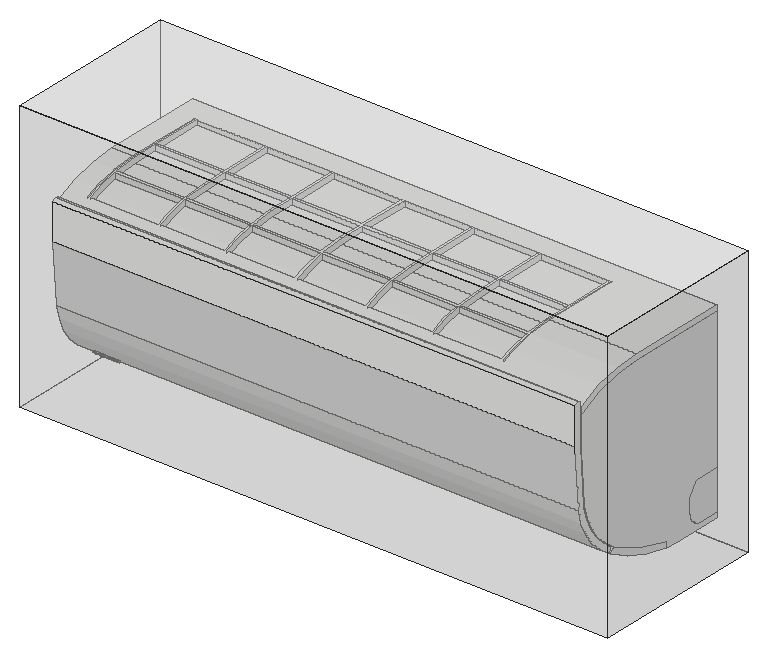
Revit family "outputfile", category 機械設備, Revit 2024
Family settings
  丸型コネクタ寸法 = 半径を使用
  パーツ タイプ = 標準
  OmniClass 番号 = 23.75.10.24.21.27.27
  OmniClass タイトル = Split System Air Conditioning Units
  作業面ベース = いいえ
  常に垂直 = はい
  ロード時にボイドで切り取り = いいえ
  注釈の向きを維持 = いいえ
  共有 = いいえ
  部屋計算ポイント = いいえ
Parameters (values of type "FXAQ32AVM4")
  Description = ""
  製造元 = "Daikin"
  書き出し IFC クラス(タイプ) = "IfcUnitaryEquipmentType"
  定義済み IFC タイプ(タイプ) = "AIRCONDITIONINGUNIT"
  Cost = 0
  モデル = "FXAQ32AVM4"
  Type Comments = ""
  Keynote = ""
  Type Image = (empty or 0)
  Assembly Code = ""
  w3_Indoor air flow = if(Width = 1050.0 mm, 109.0 mm, 1.0 mm)  # 1.0 mm
  w2_Indoor air flow = if(Width = 1050.0 mm, 103.0 mm, 98.0 mm)  # 98.0 mm
  w1_Indoor air flow = if(Width = 1050.0 mm, 108.0 mm, 103.0 mm)  # 103.0 mm
  r_Liquid Pipe Size = Liquid Pipe Size / 2  # 3.2 mm
  r_Gas Pipe Size = Gas Pipe Size / 2  # 6.35 mm
  r_Drain Pipe Size = Drain Pipe Size / 2  # 7.5 mm
  lw_powersupply [instance] = if(Width = 795.0 mm, if(or(Rear Right Connection_refrigerant, Bottom Right Connection_refrigerant), 83.0 mm, if(or(Rear Left Connection_refrigerant, Bottom Left Connection_refrigerant), 740.0 mm, 400.0 mm)), if(Width = 1050.0 mm, if(or(Rear Right Connection_refrigerant, Bottom Right Connection_refrigerant), 83.0 mm, if(or(Rear Left Connection_refrigerant, Bottom Left Connection_refrigerant), 712.0 mm + (1050.0 mm - 795.0 mm), 400.0 mm)), if(or(Rear Right Connection_refrigerant, Bottom Right Connection_refrigerant), 83.0 mm, if(or(Rear Left Connection_refrigerant, Bottom Left Connection_refrigerant), 712.0 mm, 400.0 mm))))  # 400.0 mm
  lw_liquidpipe [instance] = if(Width = 795.0 mm, if(or(Rear Right Connection_refrigerant, Bottom Right Connection_refrigerant), 0.0 mm, if(or(Rear Left Connection_refrigerant, Bottom Left Connection_refrigerant), 627.0 mm, 460.0 mm)), if(Width = 1050.0 mm, if(or(Rear Right Connection_refrigerant, Bottom Right Connection_refrigerant), 0.0 mm, if(or(Rear Left Connection_refrigerant, Bottom Left Connection_refrigerant), 627.0 mm + (1050.0 mm - 795.0 mm), 460.0 mm)), if(or(Rear Right Connection_refrigerant, Bottom Right Connection_refrigerant), 0.0 mm, if(or(Rear Left Connection_refrigerant, Bottom Left Connection_refrigerant), 627.0 mm, 460.0 mm))))  # 460.0 mm
  lw_gaspipe [instance] = if(Width = 795.0 mm, if(or(Rear Right Connection_refrigerant, Bottom Right Connection_refrigerant), 0.0 mm, if(or(Rear Left Connection_refrigerant, Bottom Left Connection_refrigerant), 620.0 mm, 415.0 mm)), if(Width = 1050.0 mm, if(or(Rear Right Connection_refrigerant, Bottom Right Connection_refrigerant), 0.0 mm, if(or(Rear Left Connection_refrigerant, Bottom Left Connection_refrigerant), 620.0 mm + (1050.0 mm - 795.0 mm), 415.0 mm)), if(or(Rear Right Connection_refrigerant, Bottom Right Connection_refrigerant), 0.0 mm, if(or(Rear Left Connection_refrigerant, Bottom Left Connection_refrigerant), 620.0 mm, 415.0 mm))))  # 415.0 mm
  lw_drainpipe [instance] = if(Width = 795.0 mm, if(or(Rear Right Connection_refrigerant, Bottom Right Connection_refrigerant), 0.0 mm, if(or(Rear Left Connection_refrigerant, Bottom Left Connection_refrigerant), 655.0 mm, 475.0 mm)), if(Width = 1050.0 mm, if(or(Rear Right Connection_refrigerant, Bottom Right Connection_refrigerant), 0.0 mm, if(or(Rear Left Connection_refrigerant, Bottom Left Connection_refrigerant), 655.0 mm + (1050.0 mm - 795.0 mm), 475.0 mm)), if(or(Rear Right Connection_refrigerant, Bottom Right Connection_refrigerant), 0.0 mm, if(or(Rear Left Connection_refrigerant, Bottom Left Connection_refrigerant), 655.0 mm, 475.0 mm))))  # 475.0 mm
  l_powersupply_length [instance] = if(Width = 795.0 mm, if(Right Connection_refrigerant, 400.0 mm, if(Left Connection_refrigerant, 395.0 mm, if(or(Rear Left Connection_refrigerant, Rear Right Connection_refrigerant), 15.0 mm, 50.0 mm))), if(Width = 1050.0 mm, if(Right Connection_refrigerant, 400.0 mm, if(Left Connection_refrigerant, 395.0 mm + (1050.0 mm - 795.0 mm), if(or(Rear Left Connection_refrigerant, Rear Right Connection_refrigerant), 15.0 mm, 50.0 mm))), if(Right Connection_refrigerant, 400.0 mm, if(Left Connection_refrigerant, 395.0 mm, if(or(Rear Left Connection_refrigerant, Rear Right Connection_refrigerant), 15.0 mm, 50.0 mm)))))  # 400.0 mm
  l_liquidpipe_length [instance] = if(Width = 795.0 mm, if(Right Connection_refrigerant, 558.0 mm, if(Left Connection_refrigerant, 237.0 mm, if(or(Rear Left Connection_refrigerant, Rear Right Connection_refrigerant), 30.0 mm, 40.0 mm))), if(Width = 1050.0 mm, if(Right Connection_refrigerant, 558.0 mm, if(Left Connection_refrigerant, 237.0 mm + (1050.0 mm - 795.0 mm), if(or(Rear Left Connection_refrigerant, Rear Right Connection_refrigerant), 30.0 mm, 40.0 mm))), if(Right Connection_refrigerant, 558.0 mm, if(Left Connection_refrigerant, 237.0 mm, if(or(Rear Left Connection_refrigerant, Rear Right Connection_refrigerant), 30.0 mm, 40.0 mm)))))  # 558.0 mm
  l_gaspipe_length [instance] = if(Width = 795.0 mm, if(Right Connection_refrigerant, 513.0 mm, if(Left Connection_refrigerant, 282.0 mm, if(or(Rear Left Connection_refrigerant, Rear Right Connection_refrigerant), 40.0 mm, 50.0 mm))), if(Width = 1050.0 mm, if(Right Connection_refrigerant, 513.0 mm, if(Left Connection_refrigerant, 282.0 mm + (1050.0 mm - 795.0 mm), if(or(Rear Left Connection_refrigerant, Rear Right Connection_refrigerant), 40.0 mm, 50.0 mm))), if(Right Connection_refrigerant, 513.0 mm, if(Left Connection_refrigerant, 282.0 mm, if(or(Rear Left Connection_refrigerant, Rear Right Connection_refrigerant), 40.0 mm, 50.0 mm)))))  # 513.0 mm
  l_drainpipe_length [instance] = if(Width = 795.0 mm, if(Right Connection_refrigerant, 573.0 mm, if(Left Connection_refrigerant, 222.0 mm, if(or(Rear Left Connection_refrigerant, Rear Right Connection_refrigerant), 15.0 mm, 20.0 mm))), if(Width = 1050.0 mm, if(Right Connection_refrigerant, 573.0 mm, if(Left Connection_refrigerant, 222.0 mm + (1050.0 mm - 795.0 mm), if(or(Rear Left Connection_refrigerant, Rear Right Connection_refrigerant), 15.0 mm, 20.0 mm))), if(Right Connection_refrigerant, 573.0 mm, if(Left Connection_refrigerant, 477.0 mm, if(or(Rear Left Connection_refrigerant, Rear Right Connection_refrigerant), 15.0 mm, 20.0 mm)))))  # 573.0 mm
  h*** = 0.0 mm  # constant formula
  d1_Indoor air flow = if(Width = 1050.0 mm, 38.0 mm, 35.0 mm)  # 35.0 mm
  angle_vertical [instance] = if(or(Bottom Left Connection_refrigerant, Bottom Right Connection_refrigerant), 0.00°, 90.00°)  # 90.00°
  angle_horizontal [instance] = if(Right Connection_refrigerant, 90.00°, if(Left Connection_refrigerant, -90.00°, if(or(Rear Left Connection_refrigerant, Rear Right Connection_refrigerant), 180.00°, 0.00°)))  # 90.00°
  Width = 795.0 mm
  Voltage_comment_50Hz = "220-240"
  Voltage_50Hz = 230 V
  Version = "ver.1.0"
  Unit Type = "Wall Mounted Type"
  Unit Mass Weight = 12.00 kg
  Unit Designation [instance] = ""
  Uniclass2015Version = "Products v1.30"
  Uniclass2015Title = "Variable refrigerant flow units"
  Uniclass2015Code = "Pr_70_65_03_94"
  URL = ""
  Total Heating Capacity [instance] = 0.000 kW
  Total Cooling Capacity [instance] = 0.000 kW
  Sound Pressure Level_M speed (dBA) = 0
  Sound Pressure Level_L speed (dBA) = 28.5
  Sound Pressure Level_H speed (dBA) = 37.5
  Sound Power Level_H speed (dB) = 0
  Series = "VRV Fan Coil Unit"
  Sensible Cooling Capacity [instance] = 0.000 kW
  Refrigerant Type = "R410A"
  Power Input (Heating) = 0.050 kW
  Power Input (Cooling) = 0.040 kW
  Phase_50Hz = 1
  Option Accessory 3 [instance] = ""
  Option Accessory 2 [instance] = ""
  Option Accessory 1 [instance] = ""
  Nominal Heating Capacity = 4.000 kW
  Nominal Cooling Capacity = 3.600 kW
  Minimum Circuit Amps_50Hz = 0.6 A
  Minimum Airflow = 420.00 m³/h
  Median Airflow = 0.00 m³/h
  Maximum Fuse Amps_50Hz = 15.0 A
  Maximum Airflow = 588.00 m³/h
  Material_Casing = DAIKIN_White_Casing_indoorunit
  Load Classification = HVAC
  Liquid Pipe Size = 6.4 mm
  Link_Nested Family [instance] = ""
  IfcVersion = "0"
  IfcExportType = "AIRCONDITIONINGUNIT"
  IfcExportAs = "IfcUnitaryEquipmentType"
  Height = 290.0 mm
  Heating Entering Wet Bulb Temperature [instance] = 0.00 °C
  Heating Entering Dry Bulb Temperature [instance] = 0.00 °C
  Heating Ambient Wet Bulb Temperature [instance] = 0.00 °C
  Heating Ambient Dry Bulb Temperature [instance] = 0.00 °C
  Heat Exchanger Type = "Cross Fin Coil"
  Gas Pipe Size = 12.7 mm
  Frequency_50Hz = 50 Hz
  Fan Type = "Cross Flow Fan"
  Fan Drive = "Direct Drive"
  FCU Tag No. [instance] = ""
  Drain Pipe Size = 15.0 mm
  Design Supply Airflow [instance] = 0.00 m³/h
  Depth = 266.0 mm
  既定の高さ = 0.0 mm
  Cooling Entering Wet Bulb Temperature [instance] = 0.00 °C
  Cooling Entering Dry Bulb Temperature [instance] = 0.00 °C
  Cooling Ambient Wet Bulb Temperature [instance] = 0.00 °C
  Cooling Ambient Dry Bulb Temperature [instance] = 0.00 °C
  Clearance visibility [instance] = yes
  Clearance Top = 90.0 mm
  Clearance Right = 50.0 mm
  Clearance Rear = 0.0 mm
  Clearance Left = 50.0 mm
  Clearance Front = 0.0 mm
  Clearance Bottom = 30.0 mm
  Bottom Right Connection_refrigerant [instance] = no
  Bottom Left Connection_refrigerant [instance] = no
  Rear Right Connection_refrigerant [instance] = no
  Rear Left Connection_refrigerant [instance] = no
  Right Connection_refrigerant [instance] = yes
  Left Connection_refrigerant [instance] = no
Reference planes
  plane 1 "Back": y = 0
  plane 2: z = 0
  plane 3 "Center (Left/Right)": x = 0
  plane 4 "Center (Front/Back)": y = -133
  plane 5 "Front": y = -266
  plane 6 "Left": x = -397.5
  plane 7 "Right": x = 397.5
  plane 8 "Top": z = 0
  plane 9 "Bottom": z = -290
  plane 10 "Front panel_Left": x = -395.5
  plane 11 "Front panel_Right": x = 395.5
  plane 12: x = 261.5
  plane 13: x = 256.5
  plane 14: x = -445.5
  plane 15: x = 445.5
  plane 16: y = 0
  plane 17: y = -266
  plane 18: z = 90
  plane 19: z = -320
  plane 20: y = -35
  plane 21: y = -111.5
  plane 22: y = -187.5
  plane 23: y = -237
  plane 24: y = -115
  plane 25: y = -191
  plane 26: x = -50
  plane 27: x = -52
  plane 28: x = -48
  plane 29: x = 55
  plane 30: x = -155
  plane 31: x = -158
  plane 32: x = 58
  plane 33: x = -256
  plane 34: x = 156
  plane 35: x = -259
  plane 36: x = 159
  plane 37: x = -362
  plane 38: x = 262
  plane 39: x = -365
  plane 40: x = 265
  plane 41: x = 266
  plane 42: x = -366
  plane 43 "lw_Piping and Wiring intake": x = 299.5
  plane 44 "lw_gaspipe": x = -115.5
  plane 45 "lw_liquidpipe": x = -160.5
  plane 46 "lw_drainpipe": x = -175.5
  plane 47 "lh_drainpipe": z = -270
  plane 48 "lh_liquidpipe": z = -250
  plane 49 "lh_gaspipe": z = -240
  plane 50 "ld_drainpipe": y = -15
  plane 51 "ld_liquidpipe": y = -30
  plane 52 "ld_gaspipe": y = -40
  plane 53 "lw_powersupply": x = -2.5
Forms (mm)
  Extrusion 1, solid, material "DAIKIN_White_Casing_indoorunit" <- "Material_Casing"
    sketch origin (0, 0, 0) x (0, 1, 0) y (0, 0, 1)
      loop
        line (0, 0) -> (-151.682, 0)
        arc (-151.682, 0) -> (-205.302, -6.828) -> (-255.5, -26.876) r 213.958
        line (-255.5, -26.876) -> (-255.5, -36.08)
        arc (-255.5, -36.08) -> (-205.456, -15.144) -> (-151.682, -8) r 205.958
        line (-151.682, -8) -> (0, -8) -> (0, 0)
    from -397.5 to 397.5
  Extrusion 2, solid, material "DAIKIN_White_Casing_indoorunit" <- "Material_Casing"
    sketch origin (0, 0, 0) x (0, 1, 0) y (0, 0, 1)
      loop
        arc (-151.682, -8) -> (-205.456, -15.144) -> (-255.5, -36.08) r 205.958
        line (-255.5, -36.08) -> (-255.5, -86.08)
        arc (-255.5, -86.08) -> (-253.87, -125.667) -> (-248.99, -164.986) r 481.435
        arc (-248.99, -164.986) -> (-230.945, -209.78) -> (-195.65, -242.741) r 111.486
        arc (-195.65, -242.741) -> (-147.09, -265.96) -> (-95.247, -280.433) r 310.126
        line (-95.247, -280.433) -> (-95.247, -288.232)
        arc (-95.247, -288.232) -> (-84.534, -289.557) -> (-73.748, -290) r 131.592
        line (-73.748, -290) -> (0, -290) -> (0, -8) -> (-151.682, -8)
    from -397.5 to 397.5
  Extrusion 3, solid, material "DAIKIN_White_Casing_indoorunit" <- "Material_Casing"
    sketch origin (397.5, 1296.25, 1200) x (0, 1, 0) y (0, 0, 1)
      loop
        line (-1491.901, -1442.741) -> (-1496.494, -1450.482)
        arc (-1496.494, -1450.482) -> (-1447.058, -1474.911) -> (-1393.497, -1488.023) r 252.452
        line (-1393.497, -1488.023) -> (-1393.497, -1480.051)
        arc (-1393.497, -1480.051) -> (-1444.293, -1465.6) -> (-1491.901, -1442.741) r 310.126
    from 0 to -40.5
  Extrusion 4, solid, material "DAIKIN_White_Casing_indoorunit" <- "Material_Casing"
    sketch origin (0, 0, 0) x (0, 1, 0) y (0, 0, 1)
      loop
        line (-257, -76.896) -> (-257, -19.457) -> (-258.688, -19.457)
        arc (-258.688, -19.457) -> (-262.551, -20.17) -> (-266, -22.048) r 12.48
        line (-266, -22.048) -> (-266, -76.896) -> (-257, -76.896)
    from -395.5 to 395.5
  Extrusion 5, solid, material "DAIKIN_White_Casing_indoorunit" <- "Material_Casing"
    sketch origin (0, 0, 0) x (0, 1, 0) y (0, 0, 1)
      loop
        arc (-266, -76.896) -> (-264.342, -121.828) -> (-259.378, -166.517) r 609.735
        line (-259.378, -166.517) -> (-250.471, -165.192)
        arc (-250.471, -165.192) -> (-255.366, -121.165) -> (-257, -76.896) r 600.314
        line (-257, -76.896) -> (-266, -76.896)
    from -395.5 to 395.5
  Extrusion 6, solid, material "DAIKIN_White_Casing_indoorunit" <- "Material_Casing"
    sketch origin (0, 0, 0) x (0, 1, 0) y (0, 0, 1)
      loop
        arc (-259.378, -166.517) -> (-240.331, -214.672) -> (-201.947, -249.433) r 114
        line (-201.947, -249.433) -> (-197.324, -241.643)
        arc (-197.324, -241.643) -> (-232.845, -209.638) -> (-250.471, -165.192) r 104.894
        line (-250.471, -165.192) -> (-259.378, -166.517)
    from -395.5 to 395.5
  Extrusion 7, solid, material "DAIKIN_White_Casing_indoorunit" <- "Material_Casing"
    sketch origin (-397.5, 1296.25, 1200) x (0, 1, 0) y (0, 0, 1)
      loop
        arc (-1496.494, -1450.482) -> (-1447.058, -1474.911) -> (-1393.497, -1488.023) r 252.452
        line (-1393.497, -1488.023) -> (-1393.497, -1480.051)
        arc (-1393.497, -1480.051) -> (-1444.293, -1465.6) -> (-1491.901, -1442.741) r 310.126
        line (-1491.901, -1442.741) -> (-1496.494, -1450.482)
    from 0 to 40.5
  Extrusion 8, solid, material "DAIKIN_White_Casing_indoorunit" <- "Material_Casing"
    sketch origin (0, 0, 0) x (0, 1, 0) y (0, 0, 1)
      loop
        arc (-133.049, -280.649) -> (-115.282, -284.985) -> (-97.247, -288.023) r 252.452
        line (-97.247, -288.023) -> (-97.247, -280.051)
        arc (-97.247, -280.051) -> (-113.907, -276.335) -> (-130.338, -271.708) r 310.126
        line (-130.338, -271.708) -> (-133.049, -280.649)
    from -357 to 357
  Extrusion 9, solid, material "DAIKIN_White_Casing_indoorunit" <- "Material_Casing"
    sketch origin (261.5, -1524, 1789.769) x (0, 0, 1) y (0, -1, 0)
      loop
        line (-2032.51, -1328.35) -> (-2040.251, -1323.756)
        arc (-2040.251, -1323.756) -> (-2050.358, -1341.058) -> (-2059.061, -1359.107) r 252.452
        line (-2059.061, -1359.107) -> (-2050.603, -1364.126)
        arc (-2050.603, -1364.126) -> (-2042.135, -1345.945) -> (-2032.51, -1328.35) r 310.126
    from 0 to 95.5
  Extrusion 10, solid, material "DAIKIN_White_Casing_indoorunit" <- "Material_Casing"
    sketch origin (261.5, -1524, 1789.769) x (0, 0, 1) y (0, -1, 0)
      loop
        arc (-2059.061, -1359.107) -> (-2065.273, -1374.839) -> (-2070.418, -1390.951) r 252.452
        line (-2070.418, -1390.951) -> (-2061.477, -1393.662)
        arc (-2061.477, -1393.662) -> (-2056.415, -1378.756) -> (-2050.603, -1364.126) r 310.126
        line (-2050.603, -1364.126) -> (-2059.061, -1359.107)
    from 0 to 95.5
  Extrusion 11, solid, material "DAIKIN_White_Casing_indoorunit" <- "Material_Casing"
    sketch origin (256.5, -1524, 1089.438) x (0, 0, 1) y (0, -1, 0)
      loop
        arc (-1350.272, -1364.126) -> (-1341.805, -1345.945) -> (-1332.179, -1328.35) r 310.126
        line (-1332.179, -1328.35) -> (-1339.92, -1323.756)
        arc (-1339.92, -1323.756) -> (-1350.027, -1341.058) -> (-1358.73, -1359.107) r 252.452
        line (-1358.73, -1359.107) -> (-1350.272, -1364.126)
    from 0 to -613.5
  Extrusion 12, solid, material "DAIKIN_White_Casing_indoorunit" <- "Material_Casing"
    sketch origin (256.5, -1524, 1089.438) x (0, 0, 1) y (0, -1, 0)
      loop
        arc (-1361.147, -1393.662) -> (-1356.085, -1378.756) -> (-1350.272, -1364.126) r 310.126
        line (-1350.272, -1364.126) -> (-1358.73, -1359.107)
        arc (-1358.73, -1359.107) -> (-1364.943, -1374.839) -> (-1370.087, -1390.951) r 252.452
        line (-1370.087, -1390.951) -> (-1361.147, -1393.662)
    from 0 to -613.5
  Extrusion 13, void
    sketch origin (0, 0, 0) x (-1, 0, 0) y (0, -1, 0)
      loop
        line (48, 35) -> (48, 111.5) -> (-55, 111.5) -> (-55, 35) -> (48, 35)
      loop
        line (-58, 35) -> (-58, 111.5) -> (-156, 111.5) -> (-156, 35) -> (-58, 35)
      loop
        line (-159, 35) -> (-159, 111.5) -> (-262, 111.5) -> (-262, 35) -> (-159, 35)
      loop
        line (-265, 35) -> (-265, 111.5) -> (-266, 111.5) -> (-266, 35) -> (-265, 35)
      loop
        line (155, 35) -> (155, 111.5) -> (52, 111.5) -> (52, 35) -> (155, 35)
      loop
        line (-265, 115) -> (-265, 187.5) -> (-266, 187.5) -> (-266, 115) -> (-265, 115)
      loop
        line (-265, 191) -> (-265, 237) -> (-266, 237) -> (-266, 191) -> (-265, 191)
      loop
        line (-159, 237) -> (-262, 237) -> (-262, 191) -> (-159, 191) -> (-159, 237)
      loop
        line (-58, 237) -> (-156, 237) -> (-156, 191) -> (-58, 191) -> (-58, 237)
      loop
        line (-55, 191) -> (48, 191) -> (48, 237) -> (-55, 237) -> (-55, 191)
      loop
        line (155, 237) -> (52, 237) -> (52, 191) -> (155, 191) -> (155, 237)
      loop
        line (256, 237) -> (158, 237) -> (158, 191) -> (256, 191) -> (256, 237)
      loop
        line (362, 237) -> (259, 237) -> (259, 191) -> (362, 191) -> (362, 237)
      loop
        line (158, 35) -> (256, 35) -> (256, 111.5) -> (158, 111.5) -> (158, 35)
      loop
        line (259, 35) -> (362, 35) -> (362, 111.5) -> (259, 111.5) -> (259, 35)
      loop
        line (362, 115) -> (362, 187.5) -> (259, 187.5) -> (259, 115) -> (362, 115)
      loop
        line (256, 115) -> (256, 187.5) -> (158, 187.5) -> (158, 115) -> (256, 115)
      loop
        line (155, 115) -> (155, 187.5) -> (52, 187.5) -> (52, 115) -> (155, 115)
      loop
        line (48, 115) -> (48, 187.5) -> (-55, 187.5) -> (-55, 115) -> (48, 115)
      loop
        line (-58, 115) -> (-58, 187.5) -> (-156, 187.5) -> (-156, 115) -> (-58, 115)
      loop
        line (-159, 115) -> (-159, 187.5) -> (-262, 187.5) -> (-262, 115) -> (-159, 115)
      loop
        line (365, 35) -> (366, 35) -> (366, 111.5) -> (365, 111.5) -> (365, 35)
      loop
        line (366, 115) -> (366, 187.5) -> (365, 187.5) -> (365, 115) -> (366, 115)
      loop
        line (366, 237) -> (365, 237) -> (365, 191) -> (366, 191) -> (366, 237)
    from 2 to -30
  Extrusion 14, solid, material "DAIKIN_White_Casing_indoorunit" <- "Material_Casing"
    sketch origin (0, 0, 0) x (1, 0, 0) y (0, 0, 1)
      loop
        circle (299.5, -246) r 40
      loop
        circle (-337.5, -246) r 40
    from 0 to 5
  Extrusion 15, solid, material "DAIKIN_White_Casing_indoorunit" <- "Material_Casing"
    sketch origin (397.5, 1296.25, 1200) x (0, -1, 0) y (0, 0, 1)
      loop
        line (1326.25, -1422) -> (1296.25, -1422) -> (1296.25, -1482) -> (1326.25, -1482)
        arc (1326.25, -1482) -> (1340.393, -1476.142) -> (1346.25, -1462) r 20
        line (1346.25, -1462) -> (1346.25, -1442)
        arc (1346.25, -1442) -> (1340.393, -1427.858) -> (1326.25, -1422) r 20
    from 0 to 5
  Extrusion 16, solid, material "DAIKIN_White_Casing_indoorunit" <- "Material_Casing"
    sketch origin (-397.5, 1296.25, 1200) x (0, 1, 0) y (0, 0, 1)
      loop
        line (-1296.25, -1422) -> (-1326.25, -1422)
        arc (-1326.25, -1422) -> (-1340.393, -1427.858) -> (-1346.25, -1442) r 20
        line (-1346.25, -1442) -> (-1346.25, -1462)
        arc (-1346.25, -1462) -> (-1340.393, -1476.142) -> (-1326.25, -1482) r 20
        line (-1326.25, -1482) -> (-1296.25, -1482) -> (-1296.25, -1422)
    from 0 to 5
  Extrusion 17, solid, material "DAIKIN_White_Casing_indoorunit" <- "Material_Casing"
    sketch origin (0, 0, -290) x (-1, 0, 0) y (0, -1, 0)
      loop
        line (-269.5, 0) -> (-269.5, 30)
        arc (-269.5, 30) -> (-275.358, 44.142) -> (-289.5, 50) r 20
        line (-289.5, 50) -> (-309.5, 50)
        arc (-309.5, 50) -> (-323.642, 44.142) -> (-329.5, 30) r 20
        line (-329.5, 30) -> (-329.5, 0) -> (-269.5, 0)
      loop
        line (367.5, 0) -> (367.5, 30)
        arc (367.5, 30) -> (361.642, 44.142) -> (347.5, 50) r 20
        line (347.5, 50) -> (327.5, 50)
        arc (327.5, 50) -> (313.358, 44.142) -> (307.5, 30) r 20
        line (307.5, 30) -> (307.5, 0) -> (367.5, 0)
    from 0 to 5
Cuts and joins
  joined: Extrusion 4, Extrusion 5, Extrusion 6
  joined: Extrusion 3, Extrusion 7, Extrusion 8
  Extrusion 13 cuts Extrusion 1
Lines and regions (mm)
  reference lines
    curve 1: line (-395.5, -227.394, -229.966) -> (-395.5, -220.117, -236.824)
Dimensions and locks
  equal spacing: plane 6 "Left", plane 3 "Center (Left/Right)", plane 7 "Right"
  "Width": plane 6 "Left" to plane 7 "Right"
  equal spacing: plane 5 "Front", plane 4 "Center (Front/Back)", plane 1 "Back"
  "Depth": plane 5 "Front" to plane 1 "Back"
  "Height": plane 8 "Top" to plane 9 "Bottom"
  locked: Extrusion 1 sketch curve to Extrusion 1 sketch curve at 8
  locked: Extrusion 2 sketch curve to plane 1 "Back" at 73.748
  locked: Extrusion 3 sketch curve to plane 1 "Back" at 97.247
  locked: Extrusion 4 sketch curve to Extrusion 4 sketch curve at 9
  locked: plane 8 "Top" to Extrusion 4 sketch curve at 19.457
  locked: plane 5 "Front" to Extrusion 6 sketch curve at 6.622
  locked: plane 5 "Front" to Extrusion 6 sketch curve at 15.529
  locked: plane 10 "Front panel_Left" to plane 6 "Left" at 2
  locked: plane 7 "Right" to plane 11 "Front panel_Right" at 2
  locked: cut or joined group of Extrusion 3, Extrusion 7, Extrusion 8 to Extrusion 9 sketch curve at 40
  locked: plane 7 "Right" to plane 12 at 136
  locked: plane 12 to plane 13 at 5
  "Clearance Left": plane 14 to plane 10 "Front panel_Left"
  "Clearance Right": plane 11 "Front panel_Right" to plane 15
  "Clearance Rear": plane 16 to plane 1 "Back"
  "Clearance Front": plane 17 to plane 5 "Front"
  "Clearance Top": plane 18 to plane 8 "Top"
  "Clearance Bottom": plane 9 "Bottom" to plane 19
  locked: nested 2 to plane 10 "Front panel_Left" at 50
  "d1_Indoor air flow": plane 20 to plane 1 "Back"
  locked: plane 20 to plane 21 at 76.5
  locked: plane 21 to plane 24 at 3.5
  locked: plane 24 to plane 22 at 72.5
  locked: plane 22 to plane 25 at 3.5
  locked: plane 25 to plane 23 at 46
  locked: plane 26 to plane 3 "Center (Left/Right)" at 50
  equal spacing: plane 27, plane 26, plane 28
  locked: plane 27 to plane 28 at 4
  "w1_Indoor air flow": plane 28 to plane 29
  "w1_Indoor air flow": plane 30 to plane 27
  locked: plane 31 to plane 30 at 3
  locked: plane 29 to plane 32 at 3
  "w2_Indoor air flow": plane 33 to plane 31
  "w2_Indoor air flow": plane 32 to plane 34
  locked: plane 35 to plane 33 at 3
  locked: plane 34 to plane 36 at 3
  locked: plane 37 to plane 35 at 103
  locked: plane 36 to plane 38 at 103
  locked: plane 39 to plane 37 at 3
  locked: plane 38 to plane 40 at 3
  "w3_Indoor air flow": plane 40 to plane 41
  "w3_Indoor air flow": plane 42 to plane 39
  locked: plane 9 "Bottom" to Extrusion 14 sketch curve at 44  (x2)
  locked: Extrusion 14 sketch curve to plane 6 "Left" at 60
  locked: plane 7 "Right" to Extrusion 14 sketch curve at 98
  locked: plane 43 "lw_Piping and Wiring intake" to plane 7 "Right" at 98
  "lw_gaspipe": plane 44 "lw_gaspipe" to plane 43 "lw_Piping and Wiring intake"
  "lw_liquidpipe": plane 45 "lw_liquidpipe" to plane 43 "lw_Piping and Wiring intake"
  "lw_drainpipe": plane 46 "lw_drainpipe" to plane 43 "lw_Piping and Wiring intake"
  locked: plane 47 "lh_drainpipe" to plane 9 "Bottom" at 20
  locked: plane 48 "lh_liquidpipe" to plane 9 "Bottom" at 40
  locked: plane 49 "lh_gaspipe" to plane 9 "Bottom" at 50
  locked: plane 50 "ld_drainpipe" to plane 1 "Back" at 15
  locked: plane 1 "Back" to plane 51 "ld_liquidpipe" at 30
  locked: plane 1 "Back" to plane 52 "ld_gaspipe" at 40
  Extrusion 15 sketch curve to Extrusion 15 sketch curve to plane 9 "Bottom" = 60.0 mm locked, 8.0 mm locked
  locked: Extrusion 15 sketch curve to Extrusion 15 sketch curve at 50
  locked: Extrusion 17 sketch curve to Extrusion 17 sketch curve at 60  (x2)
  locked: Extrusion 17 sketch curve to Extrusion 17 sketch curve at 50
  locked: Extrusion 17 sketch curve to plane 43 "lw_Piping and Wiring intake" at 30
  locked: plane 6 "Left" to Extrusion 17 sketch curve at 30
  "lw_powersupply": plane 53 "lw_powersupply" to plane 7 "Right"
  radius of Extrusion 5 sketch curve = 609.735 mm
  radius of Extrusion 5 sketch curve = 600.314 mm
  aligned and locked: level to plane 2
  aligned and locked: plane 8 "Top" to Extrusion 1 sketch curve
  aligned and locked: plane 1 "Back" to Extrusion 1 sketch curve
  aligned and locked: Extrusion 1 to plane 6 "Left"
  aligned and locked: plane 7 "Right" to Extrusion 1
  aligned and locked: Extrusion 2 sketch curve to Extrusion 1
  aligned and locked: Extrusion 1 to Extrusion 2 sketch curve
  aligned and locked: plane 1 "Back" to Extrusion 2 sketch curve
  aligned and locked: Extrusion 2 sketch curve to plane 9 "Bottom"
  aligned and locked: Extrusion 2 to plane 6 "Left"
  aligned and locked: plane 7 "Right" to Extrusion 2
  aligned and locked: Extrusion 3 sketch curve to Extrusion 2
  aligned and locked: plane 5 "Front" to Extrusion 4 sketch curve
  aligned and locked: Extrusion 5 sketch curve to Extrusion 4
  aligned and locked: Extrusion 6 sketch curve to Extrusion 5
  aligned and locked: cut or joined group of Extrusion 4, Extrusion 5, Extrusion 6 to plane 11 "Front panel_Right"  (x3)
  aligned and locked: plane 10 "Front panel_Left" to cut or joined group of Extrusion 4, Extrusion 5, Extrusion 6  (x3)
  aligned and locked: Extrusion 7 sketch curve to Extrusion 3  (x4)
  aligned and locked: Extrusion 8 sketch curve to Extrusion 3  (x3)
  aligned and locked: Extrusion 8 to Extrusion 3
  aligned and locked: Extrusion 8 to Extrusion 7
  aligned and locked: Extrusion 9 sketch curve to cut or joined group of Extrusion 3, Extrusion 7, Extrusion 8  (x3)
  aligned and locked: Extrusion 10 sketch curve to cut or joined group of Extrusion 3, Extrusion 7, Extrusion 8  (x3)
  aligned and locked: Extrusion 10 sketch curve to Extrusion 9
  aligned and locked: Extrusion 9 to cut or joined group of Extrusion 3, Extrusion 7, Extrusion 8
  aligned and locked: Extrusion 10 to cut or joined group of Extrusion 3, Extrusion 7, Extrusion 8
  aligned and locked: Extrusion 11 sketch curve to Extrusion 9  (x4)
  aligned and locked: Extrusion 11 to cut or joined group of Extrusion 3, Extrusion 7, Extrusion 8
  aligned and locked: Extrusion 12 sketch curve to Extrusion 10  (x4)
  aligned and locked: Extrusion 12 to cut or joined group of Extrusion 3, Extrusion 7, Extrusion 8
  aligned and locked: plane 16 to nested 1
  aligned and locked: nested 1 to plane 17
  aligned and locked: plane 14 to nested 1
  aligned and locked: plane 15 to nested 1
  aligned and locked: plane 19 to nested 1
  aligned and locked: plane 18 to nested 1
  aligned and locked: nested 2 to curve 1
  aligned and locked: Extrusion 13 sketch curve to plane 20  (x5)
  aligned and locked: plane 28 to Extrusion 13 sketch curve  (x2)
  aligned and locked: plane 21 to Extrusion 13 sketch curve  (x5)
  aligned and locked: Extrusion 13 sketch curve to plane 29  (x2)
  aligned and locked: plane 32 to Extrusion 13 sketch curve  (x2)
  aligned and locked: Extrusion 13 sketch curve to plane 34  (x2)
  aligned and locked: plane 36 to Extrusion 13 sketch curve  (x2)
  aligned and locked: Extrusion 13 sketch curve to plane 38  (x2)
  aligned and locked: plane 40 to Extrusion 13 sketch curve  (x3)
  aligned and locked: Extrusion 13 sketch curve to plane 41  (x3)
  aligned and locked: plane 30 to Extrusion 13 sketch curve  (x2)
  aligned and locked: Extrusion 13 sketch curve to plane 27  (x2)
  aligned and locked: Extrusion 13 sketch curve to plane 24  (x8)
  aligned and locked: plane 22 to Extrusion 13 sketch curve  (x8)
  aligned and locked: Extrusion 13 sketch curve to plane 25
  aligned and locked: plane 23 to Extrusion 13 sketch curve
  aligned and locked: Extrusion 13 sketch curve to plane 23  (x7)
  aligned and locked: Extrusion 13 sketch curve to plane 36
  aligned and locked: plane 25 to Extrusion 13 sketch curve  (x7)
  aligned and locked: plane 38 to Extrusion 13 sketch curve
  aligned and locked: Extrusion 13 sketch curve to plane 32
  aligned and locked: plane 34 to Extrusion 13 sketch curve
  aligned and locked: plane 29 to Extrusion 13 sketch curve
  aligned and locked: Extrusion 13 sketch curve to plane 28
  aligned and locked: Extrusion 13 sketch curve to plane 30
  aligned and locked: plane 27 to Extrusion 13 sketch curve
  aligned and locked: Extrusion 13 sketch curve to plane 33  (x2)
  aligned and locked: plane 31 to Extrusion 13 sketch curve  (x2)
  aligned and locked: Extrusion 13 sketch curve to plane 37  (x2)
  aligned and locked: plane 35 to Extrusion 13 sketch curve  (x2)
  aligned and locked: plane 20 to Extrusion 13 sketch curve  (x3)
  aligned and locked: Extrusion 13 sketch curve to plane 21  (x3)
  aligned and locked: plane 37 to Extrusion 13 sketch curve
  aligned and locked: Extrusion 13 sketch curve to plane 35
  aligned and locked: plane 33 to Extrusion 13 sketch curve
  aligned and locked: Extrusion 13 sketch curve to plane 31
  aligned and locked: plane 39 to Extrusion 13 sketch curve  (x2)
  aligned and locked: Extrusion 13 sketch curve to plane 42  (x2)
  aligned and locked: plane 42 to Extrusion 13 sketch curve
  aligned and locked: Extrusion 13 sketch curve to plane 39
  aligned and locked: plane 1 "Back" to Extrusion 15 sketch curve
  aligned and locked: Extrusion 16 sketch curve to Extrusion 15  (x4)
  aligned and locked: Extrusion 17 sketch curve to Extrusion 17 sketch curve  (x2)
  aligned and locked: plane 1 "Back" to Extrusion 17 sketch curve
  aligned and locked: plane 44 "lw_gaspipe" to nested 3
  aligned and locked: nested 3 to plane 52 "ld_gaspipe"
  aligned and locked: plane 45 "lw_liquidpipe" to nested 4
  aligned and locked: nested 4 to plane 51 "ld_liquidpipe"
  aligned and locked: plane 46 "lw_drainpipe" to nested 5
  aligned and locked: nested 5 to plane 50 "ld_drainpipe"
  aligned and locked: nested 6 to plane 50 "ld_drainpipe"
  aligned and locked: plane 53 "lw_powersupply" to nested 6
  aligned and locked: level to plane 8 "Top"
Automatic sketch dimensions
  Extrusion 1 sketch curve to plane 8 "Top" = 0.0 mm
  Extrusion 1 sketch curve to plane 4 "Center (Front/Back)" = 18.682 mm
  Extrusion 1 sketch curve to Extrusion 1 sketch curve = 9.205 mm
  Extrusion 1 sketch curve to Extrusion 1 sketch curve = 0.0 mm  (x3)
  Extrusion 1 sketch curve to plane 5 "Front" = 10.5 mm
  Extrusion 2 sketch curve to plane 4 "Center (Front/Back)" = 6.011 mm
  plane 9 "Bottom" to Extrusion 2 sketch curve = 9.567 mm
  Extrusion 2 sketch curve to Extrusion 2 sketch curve = 21.499 mm
  plane 1 "Back" to Extrusion 2 sketch curve = 38.095 mm
  Extrusion 2 sketch curve to plane 8 "Top" = 86.08 mm
  Extrusion 2 sketch curve to Extrusion 2 sketch curve = 7.799 mm
  Extrusion 2 sketch curve to Extrusion 2 sketch curve = 11.695 mm
  plane 8 "Top" to Extrusion 2 sketch curve = 24.382 mm
  Extrusion 2 sketch curve to Extrusion 2 sketch curve = 0.0 mm  (x2)
  Extrusion 4 sketch curve to Extrusion 4 sketch curve = 1.688 mm
  Extrusion 4 sketch curve to plane 5 "Front" = 7.618 mm
  Extrusion 4 sketch curve to Extrusion 4 sketch curve = 12.476 mm
  Extrusion 4 sketch curve to Extrusion 4 sketch curve = 44.963 mm
  Extrusion 5 sketch curve to Extrusion 5 sketch curve = 0.421 mm
  Extrusion 5 sketch curve to plane 5 "Front" = 6.622 mm
  Extrusion 5 sketch curve to Extrusion 5 sketch curve = 8.907 mm
  Extrusion 5 sketch curve to plane 5 "Front" = 0.0 mm
  plane 9 "Bottom" to Extrusion 6 sketch curve = 40.567 mm
  Extrusion 6 sketch curve to Extrusion 6 sketch curve = 4.622 mm
  Extrusion 6 sketch curve to Extrusion 6 sketch curve = 0.102 mm
  Extrusion 6 sketch curve to Extrusion 6 sketch curve = 0.003 mm
  Extrusion 6 sketch curve to Extrusion 6 sketch curve = 48.524 mm
  Extrusion 6 sketch curve to Extrusion 6 sketch curve = 50.607 mm
  plane 9 "Bottom" to Extrusion 3 sketch curve = 47.259 mm
  Extrusion 3 sketch curve to Extrusion 3 sketch curve = 4.593 mm
  plane 1 "Back" to Extrusion 3 sketch curve = 64.356 mm
  plane 9 "Bottom" to Extrusion 3 sketch curve = 1.977 mm
  Extrusion 3 sketch curve to Extrusion 3 sketch curve = 7.741 mm
  plane 4 "Center (Front/Back)" to Extrusion 8 sketch curve = 2.662 mm
  Extrusion 8 sketch curve to plane 4 "Center (Front/Back)" = 0.049 mm
  plane 9 "Bottom" to curve 1 = 53.176 mm
  curve 1 to plane 5 "Front" = 45.883 mm
  curve 1 to curve 1 = 6.859 mm
  curve 1 to curve 1 = 7.277 mm
  Extrusion 15 sketch curve to plane 51 "ld_liquidpipe" = 0.0 mm  (x2)
  Extrusion 17 sketch curve to plane 51 "ld_liquidpipe" = 0.0 mm  (x4)
  radius of Extrusion 14 sketch curve = 40.0 mm  (x2)
Nested families
  nested 1: "daikin_clearancespace" at (0, -133, -114.881), show <- "Clearance visibility", visible <- "Clearance visibility", Link_Nested Family <- "Link_Nested Family", type "daikin_clearancespace"
    with width 891.0 mm, show yes, height 410.0 mm, depth 266.0 mm, Link_Nested Family ""
  nested 2: "daikin_logo_plane_w40" at (-345.5, -227.722, -229.657) x (1, 0, 0) z (0, -0.6859, -0.7277), type "daikin_logo_plane_w40"
    with show_logo yes
  nested 3: "daikin_connector_rotate3" at (-115.5, -40, -240), angle_vertical <- "angle_vertical", angle_horizontal <- "angle_horizontal", length <- "l_gaspipe_length", radius <- "r_Gas Pipe Size", type "daikin_connector_rotate3"
    with show no, radius 6.35 mm, length 513.0 mm, angle_vertical 90.00°, angle_horizontal 90.00°
  nested 4: "daikin_connector_rotate3" at (-160.5, -30, -250), angle_vertical <- "angle_vertical", angle_horizontal <- "angle_horizontal", radius <- "r_Liquid Pipe Size", length <- "l_liquidpipe_length", type "daikin_connector_rotate3"
    with show no, radius 3.2 mm, length 558.0 mm, angle_vertical 90.00°, angle_horizontal 90.00°
  nested 5: "daikin_connector_rotate3" at (-175.5, -15, -270), angle_vertical <- "angle_vertical", angle_horizontal <- "angle_horizontal", length <- "l_drainpipe_length", radius <- "r_Drain Pipe Size", type "daikin_connector_rotate3"
    with show no, radius 7.5 mm, length 573.0 mm, angle_vertical 90.00°, angle_horizontal 90.00°
  nested 6: "daikin_connector_rotate3" at (-2.5, -15, -240), angle_vertical <- "angle_vertical", angle_horizontal <- "angle_horizontal", length <- "l_powersupply_length", type "daikin_connector_rotate3"
    with show no, radius 10.0 mm, length 400.0 mm, angle_vertical 90.00°, angle_horizontal 90.00°
Connectors
  piping at (397.5, -40, -240), diameter 12.7, driven by "r_Gas Pipe Size"
    settings: on nested 3, index 1, connector inside diameter 609.6 mm, connector length 0.0 mm, flow factor 0, pipe flow 0.00 m³/h, pressure drop 0.0 Pa, fitting loss kfactor 0, connector angle 0.00°, fixture units 0, engagement length 0.0 mm, angle of deflection 0.00°, flow configuration 1, flow direction 2, fitting loss method 0, system type 29, joint type 0, gender type 0, connector reference index -1, connector utility 0, adjustable connector no, is connector primary yes, connector description "Refrigerant Gas Piping"
  piping at (397.5, -30, -250), diameter 6.4, driven by "r_Liquid Pipe Size"
    settings: on nested 4, index 2, connector inside diameter 609.6 mm, connector length 0.0 mm, flow factor 0, pipe flow 0.00 m³/h, pressure drop 0.0 Pa, fitting loss kfactor 0, connector angle 0.00°, fixture units 0, engagement length 0.0 mm, angle of deflection 0.00°, flow configuration 1, flow direction 1, fitting loss method 0, system type 29, joint type 0, gender type 0, connector reference index -1, connector utility 0, adjustable connector no, is connector primary no, connector description "Refrigerant Liquid Piping"
  piping at (397.5, -15, -270), diameter 15, driven by "r_Drain Pipe Size"
    settings: on nested 5, index 3, connector inside diameter 609.6 mm, connector length 0.0 mm, flow factor 0, pipe flow 0.00 m³/h, pressure drop 0.0 Pa, fitting loss kfactor 0, connector angle 0.00°, fixture units 0, engagement length 0.0 mm, angle of deflection 0.00°, flow configuration 1, flow direction 2, fitting loss method 4, system type 16, joint type 0, gender type 0, connector reference index -1, connector utility 0, adjustable connector no, is connector primary no, connector description "Condensate Drain Piping"
  electrical at (397.5, -15, -240), driven by "Load Classification"
    settings: on nested 6, index 4, voltage 0 V, apparent load 0 VA, apparent load phase1 0 VA, apparent load phase2 0 VA, apparent load phase3 0 VA, power factor 1, load classification "HVAC", number of poles 1, system type 30, power factor state 1, is connector primary yes, connector utility no, sub classification motor no, connector description "Power Supply"
Definition of nested family "daikin_clearancespace"
  Parameters (values of type "daikin_clearancespace")
    Description = "daikin_clearancespace"
    width [instance] = 1823.963 mm
    show [instance] = yes
    material = none
    height [instance] = 1359.762 mm
    depth [instance] = 880.0 mm
    Default Elevation = 0.0 mm
    Link_Nested Family [instance] = ""
  Reference planes
    plane 1 "Center (Front/Back)": y = 0
    plane 2 "Center (Elevation)": z = -0.119
    plane 3 "Center (Left/Right)": x = 0
    plane 4: y = 440
    plane 5: y = -440
    plane 6 "Right": x = 911.982
    plane 7 "Left": x = -911.982
    plane 8 "Top": z = 679.762
    plane 9 "Bottom": z = -680
  Forms (mm)
    Extrusion 1, solid, material <- "material", visible <- "show"
      sketch origin (0, 0, 0) x (1, 0, 0) y (0, 1, 0)
        loop
          line (-911.982, 440) -> (-911.982, -440) -> (911.982, -440) -> (911.982, 440) -> (-911.982, 440)
      from -680 to 679.762
  Lines and regions (mm)
    symbolic lines, visible <- "show"
      curve 1: line (911.982, 440, 0) -> (-911.982, 440, 0)
      curve 2: line (-911.982, 440, 0) -> (-911.982, -440, 0)
      curve 3: line (-911.982, -440, 0) -> (911.982, -440, 0)
      curve 4: line (911.982, -440, 0) -> (911.982, 440, 0)
      curve 5: line (911.982, 0, 679.762) -> (-911.982, 0, 679.762)
      curve 6: line (911.982, 0, -680) -> (911.982, 0, 679.762)
      curve 7: line (-911.982, 0, -680) -> (911.982, 0, -680)
      curve 8: line (-911.982, 0, 679.762) -> (-911.982, 0, -680)
      curve 9: line (0, 440, 679.762) -> (0, -440, 679.762)
      curve 10: line (0, -440, 679.762) -> (0, -440, -680)
      curve 11: line (0, 440, -680) -> (0, 440, 679.762)
      curve 12: line (0, -440, -680) -> (0, 440, -680)
  Dimensions and locks
    "width": plane 7 "Left" to plane 6 "Right"
    "depth": plane 4 to plane 5
    "height": plane 8 "Top" to plane 9 "Bottom"
    equal spacing: plane 7 "Left", plane 3 "Center (Left/Right)", plane 6 "Right"
    equal spacing: plane 4, plane 1 "Center (Front/Back)", plane 5
    equal spacing: plane 8 "Top", plane 2 "Center (Elevation)", plane 9 "Bottom"
    aligned and locked: level to plane 2 "Center (Elevation)"
    aligned and locked: Extrusion 1 sketch curve to plane 4
    aligned and locked: plane 7 "Left" to Extrusion 1 sketch curve
    aligned and locked: Extrusion 1 sketch curve to plane 5
    aligned and locked: Extrusion 1 sketch curve to plane 6 "Right"
    aligned and locked: plane 8 "Top" to Extrusion 1
    aligned and locked: curve 1 to Extrusion 1
    aligned and locked: curve 2 to Extrusion 1
    aligned and locked: curve 3 to Extrusion 1
    aligned and locked: curve 4 to Extrusion 1
    aligned and locked: curve 5 to Extrusion 1
    aligned and locked: curve 6 to Extrusion 1
    aligned and locked: curve 7 to Extrusion 1
    aligned and locked: curve 8 to Extrusion 1
    aligned and locked: curve 9 to Extrusion 1
    aligned and locked: curve 10 to Extrusion 1
    aligned and locked: curve 11 to Extrusion 1
    aligned and locked: curve 12 to Extrusion 1
    aligned and locked: Extrusion 1 to plane 9 "Bottom"
Definition of nested family "daikin_logo_plane_w40"
  Parameters (values of type "daikin_logo_plane_w40")
    width = 40.0 mm
    show_logo [instance] = yes
    material = none
    height = 0.0 mm
    depth = 0.0 mm
    Default Elevation = 1219.2 mm
  Reference planes
    plane 1 "Center (Front/Back)": y = 0
    plane 2: z = 0
    plane 3 "Center (Left/Right)": x = 0
    plane 4: z = 2
    plane 5 "left": x = -19
    plane 6: x = 19
  Forms (mm)
    Extrusion 1, solid, visible <- "show_logo"
      sketch origin (-19, 0, 0) x (1, 0, 0) y (0, 1, 0)
        loop
          line (8.902, -1.878) -> (7.789, -6.332) -> (11.13, -6.332)
          arc (11.13, -6.332) -> (12.454, -6.064) -> (13.472, -5.176) r 2.642
          arc (13.472, -5.176) -> (13.92, -4.02) -> (13.767, -2.79) r 2.537
          arc (13.767, -2.79) -> (13.452, -2.342) -> (12.982, -2.06) r 1.321
          arc (12.982, -2.06) -> (12.063, -1.902) -> (11.13, -1.878) r 6.479
          line (11.13, -1.878) -> (8.902, -1.878)
        loop
          line (10.016, -5.441) -> (10.907, -5.441)
          arc (10.907, -5.441) -> (11.591, -4.983) -> (11.988, -4.261) r 1.742
          spline (11.988, -4.261) -> (12.01, -4.155) -> (12.027, -4.03) -> (12.037, -3.893) -> (12.037, -3.747) -> (12.026, -3.598) -> (12.002, -3.451) -> (11.962, -3.31) -> (11.905, -3.181) -> (11.829, -3.069) -> (11.731, -2.978) -> (11.61, -2.913) -> (11.464, -2.88)
          line (11.464, -2.88) -> (10.573, -2.88) -> (10.016, -5.441)
        loop
          line (13.58, -6.332) -> (14.805, -6.332) -> (15.223, -5.553) -> (16.977, -5.553) -> (17.144, -6.332) -> (19.149, -6.332) -> (18.258, -1.878) -> (16.03, -1.878) -> (13.58, -6.332)
        loop
          line (16.476, -3.214) -> (15.76, -4.551) -> (16.762, -4.551) -> (16.476, -3.214)
        loop
          line (19.705, -6.332) -> (21.599, -6.332) -> (22.712, -1.878) -> (20.819, -1.878) -> (19.705, -6.332)
        loop
          line (22.712, -6.332) -> (24.606, -6.332) -> (24.908, -5.122) -> (25.831, -6.332) -> (28.17, -6.332) -> (26.388, -3.994) -> (28.949, -1.878) -> (26.945, -1.878) -> (25.401, -3.153) -> (25.719, -1.878) -> (23.826, -1.878) -> (22.712, -6.332)
        loop
          line (29.84, -1.878) -> (28.615, -6.332) -> (30.62, -6.332) -> (31.734, -1.878) -> (29.84, -1.878)
        loop
          line (31.734, -6.332) -> (33.07, -6.332) -> (33.7, -3.814) -> (34.518, -6.332) -> (36.745, -6.332) -> (37.859, -1.878) -> (36.523, -1.878) -> (35.845, -4.589) -> (34.963, -1.878) -> (32.847, -1.878) -> (31.734, -6.332)
      from 0 to 2
    Extrusion 2, solid, visible <- "show_logo"
      sketch origin (-19, 0, 0) x (1, 0, 0) y (0, 1, 0)
        loop
          line (8.7, 0) -> (4.235, 0) -> (0, -3.879) -> (0, -8) -> (8.7, 0)
      from 0 to 2
    Extrusion 3, solid, visible <- "show_logo"
      sketch origin (-19, 0, 0) x (1, 0, 0) y (0, 1, 0)
        loop
          line (0, 0) -> (0, -3.879) -> (4.235, 0) -> (0, 0)
      from 0 to 2
  Dimensions and locks
    plane 4 to plane 2 = 2.0 mm
    equal spacing: plane 5 "left", plane 3 "Center (Left/Right)", plane 6
    locked: plane 5 "left" to plane 6 at 38
    aligned and locked: level to plane 2
    aligned and locked: Extrusion 3 to plane 1 "Center (Front/Back)"  (x2)
    aligned and locked: Extrusion 2 to plane 1 "Center (Front/Back)"  (x2)
    aligned and locked: plane 4 to Extrusion 1
    aligned and locked: plane 4 to Extrusion 3
    aligned and locked: plane 4 to Extrusion 2
    aligned and locked: Extrusion 3 to plane 5 "left"
    aligned and locked: Extrusion 2 to plane 5 "left"
  Automatic sketch dimensions
    Extrusion 1 sketch curve to Extrusion 1 sketch curve = 0.901 mm
    Extrusion 1 sketch curve to Extrusion 1 sketch curve = 1.559 mm
    Extrusion 1 sketch curve to Extrusion 1 sketch curve = 1.327 mm
    Extrusion 1 sketch curve to Extrusion 1 sketch curve = 2.145 mm
    Extrusion 1 sketch curve to Extrusion 1 sketch curve = 1.448 mm
    Extrusion 1 sketch curve to Extrusion 1 sketch curve = 2.116 mm
    Extrusion 1 sketch curve to Extrusion 1 sketch curve = 1.114 mm  (x4)
    Extrusion 1 sketch curve to Extrusion 1 sketch curve = 1.336 mm  (x2)
    plane 1 "Center (Front/Back)" to Extrusion 1 sketch curve = 1.878 mm  (x5)
    Extrusion 1 sketch curve to Extrusion 1 sketch curve = 1.893 mm  (x5)
    Extrusion 1 sketch curve to Extrusion 1 sketch curve = 0.891 mm  (x4)
    Extrusion 1 sketch curve to Extrusion 1 sketch curve = 2.005 mm  (x3)
    Extrusion 1 sketch curve to Extrusion 1 sketch curve = 0.445 mm  (x2)
    plane 1 "Center (Front/Back)" to Extrusion 1 sketch curve = 3.994 mm
    Extrusion 1 sketch curve to Extrusion 1 sketch curve = 0.557 mm  (x2)
    Extrusion 1 sketch curve to Extrusion 1 sketch curve = 2.339 mm  (x2)
    Extrusion 1 sketch curve to Extrusion 1 sketch curve = 1.225 mm  (x3)
    plane 1 "Center (Front/Back)" to Extrusion 1 sketch curve = 3.153 mm
    Extrusion 1 sketch curve to Extrusion 1 sketch curve = 0.987 mm
    plane 1 "Center (Front/Back)" to Extrusion 1 sketch curve = 5.122 mm
    Extrusion 1 sketch curve to Extrusion 1 sketch curve = 0.922 mm
    plane 1 "Center (Front/Back)" to Extrusion 1 sketch curve = 6.332 mm
    Extrusion 1 sketch curve to Extrusion 1 sketch curve = 2.562 mm
    plane 1 "Center (Front/Back)" to Extrusion 1 sketch curve = 5.553 mm
    Extrusion 1 sketch curve to Extrusion 1 sketch curve = 0.167 mm
    Extrusion 1 sketch curve to Extrusion 1 sketch curve = 0.215 mm
    plane 1 "Center (Front/Back)" to Extrusion 1 sketch curve = 3.214 mm
    Extrusion 1 sketch curve to Extrusion 1 sketch curve = 0.286 mm
    plane 1 "Center (Front/Back)" to Extrusion 1 sketch curve = 4.551 mm
    Extrusion 1 sketch curve to Extrusion 1 sketch curve = 1.002 mm
    Extrusion 1 sketch curve to Extrusion 1 sketch curve = 0.537 mm
    Extrusion 1 sketch curve to Extrusion 1 sketch curve = 0.418 mm
    Extrusion 1 sketch curve to Extrusion 1 sketch curve = 1.028 mm
    plane 1 "Center (Front/Back)" to Extrusion 1 sketch curve = 4.261 mm
    Extrusion 1 sketch curve to Extrusion 1 sketch curve = 0.563 mm
    plane 1 "Center (Front/Back)" to Extrusion 1 sketch curve = 2.88 mm
    Extrusion 1 sketch curve to Extrusion 1 sketch curve = 1.088 mm
    Extrusion 1 sketch curve to Extrusion 1 sketch curve = 2.152 mm
    Extrusion 1 sketch curve to Extrusion 1 sketch curve = 0.586 mm
    Extrusion 1 sketch curve to Extrusion 1 sketch curve = 0.118 mm
    Extrusion 1 sketch curve to Extrusion 1 sketch curve = 0.298 mm
    Extrusion 1 sketch curve to Extrusion 1 sketch curve = 0.334 mm
    Extrusion 1 sketch curve to Extrusion 1 sketch curve = 0.223 mm
    Extrusion 1 sketch curve to Extrusion 1 sketch curve = 0.266 mm
    Extrusion 1 sketch curve to Extrusion 1 sketch curve = 1.671 mm
    Extrusion 1 sketch curve to Extrusion 1 sketch curve = 2.227 mm
    Extrusion 1 sketch curve to Extrusion 1 sketch curve = 0.0 mm  (x7)
    Extrusion 1 sketch curve to Extrusion 1 sketch curve = 3.453 mm
    Extrusion 1 sketch curve to Extrusion 1 sketch curve = 2.017 mm
    Extrusion 1 sketch curve to Extrusion 1 sketch curve = 0.78 mm  (x2)
    Extrusion 1 sketch curve to Extrusion 1 sketch curve = 1.743 mm
    Extrusion 1 sketch curve to Extrusion 1 sketch curve = 0.775 mm
    Extrusion 1 sketch curve to Extrusion 1 sketch curve = 0.552 mm
    Extrusion 1 sketch curve to Extrusion 1 sketch curve = 0.014 mm
    Extrusion 1 sketch curve to Extrusion 1 sketch curve = 0.952 mm
    Extrusion 1 sketch curve to Extrusion 1 sketch curve = 1.215 mm
    Extrusion 1 sketch curve to Extrusion 1 sketch curve = 0.108 mm
    plane 1 "Center (Front/Back)" to Extrusion 2 sketch curve = 0.0 mm
    Extrusion 2 sketch curve to plane 3 "Center (Left/Right)" = 19.0 mm
    Extrusion 2 sketch curve to plane 3 "Center (Left/Right)" = 14.765 mm
    Extrusion 2 sketch curve to Extrusion 2 sketch curve = 4.465 mm
    plane 1 "Center (Front/Back)" to Extrusion 2 sketch curve = 3.879 mm
    Extrusion 2 sketch curve to Extrusion 2 sketch curve = 4.12 mm
    plane 1 "Center (Front/Back)" to Extrusion 3 sketch curve = 0.0 mm
    Extrusion 3 sketch curve to plane 3 "Center (Left/Right)" = 19.0 mm
    Extrusion 3 sketch curve to plane 3 "Center (Left/Right)" = 14.765 mm
    plane 1 "Center (Front/Back)" to Extrusion 3 sketch curve = 3.879 mm
    Extrusion 1 sketch curve to plane 3 "Center (Left/Right)" = 11.211 mm
    Extrusion 1 sketch curve to Extrusion 1 sketch curve = 1.782 mm
Definition of nested family "daikin_connector_rotate3"
  Parameters (values of type "daikin_connector_rotate3")
    show [instance] = yes
    radius [instance] = 10.0 mm
    length [instance] = 600.0 mm
    angle_horizontal [instance] = 60.00°
    angle_vertical [instance] = 90.00°
    Default Elevation = 1219.2 mm
  Reference planes
    plane 1 "Center (Front/Back)": y = 0
    plane 2: z = 0
    plane 3 "Center (Left/Right)": x = 0
  Dimensions and locks
    "angle_horizontal": angle plane 3 "Center (Left/Right)" to nested 1
    aligned and locked: level to plane 2
    aligned and locked: plane 1 "Center (Front/Back)" to nested 1  (x2)
    aligned and locked: plane 3 "Center (Left/Right)" to nested 1
  Nested families
    nested 1: "daikin_connector_rotate2" at (0, 0, 0) x (0.5, 0.866, 0) z (0, 0, 1), angle_vertical <- "angle_vertical", length <- "length", radius <- "radius", type "daikin_connector_rotate2"
      with radius 10.0 mm, length 600.0 mm, angle_vertical 90.00°
  Definition of nested family "daikin_connector_rotate2"
    Parameters (values of type "daikin_connector_rotate2")
      show_face = yes
      radius [instance] = 10.0 mm
      length [instance] = 600.0 mm
      d_surface = 10.0 mm
      angle_vertical [instance] = 90.00°
      Default Elevation = 0.0 mm
    Reference planes
      plane 1 "Center (Front/Back)": y = 0
      plane 2: z = 0
      plane 3 "Center (Left/Right)": x = 0
    Forms (mm)
      Extrusion 1, solid, visible <- "show_face"
        sketch origin (0, -600, 0) x (1, 0, 0) y (0, 0, 1)
          loop
            circle (0, 0) r 10
        from 0 to -10
    Lines and regions (mm)
      reference lines
        curve 1: line (0, 0, 0) -> (0, -600, 0)
      symbolic lines
        curve 2: circle (0, 0, 0) r 5 normal (0, 0, 1)
      model lines, visible <- "show_face"
        curve 3: line (0, 0, 0) -> (0, -600, 0)
    Dimensions and locks
      "length": curve 1 to curve 1
      "length": curve 3 to curve 3
      "d_surface": Extrusion 1 to Extrusion 1
      "radius": radius of Extrusion 1 sketch curve
      "angle_vertical": angle curve 1 to plane 1 "Center (Front/Back)"
      "angle_vertical": angle curve 3 to plane 1 "Center (Front/Back)"
      aligned and locked: level to plane 2
      aligned and locked: plane 1 "Center (Front/Back)" to curve 1
      aligned and locked: plane 2 to curve 1
      aligned and locked: plane 1 "Center (Front/Back)" to curve 2
      aligned and locked: plane 3 "Center (Left/Right)" to curve 2
      aligned and locked: plane 1 "Center (Front/Back)" to curve 3
      aligned and locked: plane 2 to curve 3
      aligned and locked: Extrusion 1 to Extrusion 1
    Automatic sketch dimensions
      Extrusion 1 sketch curve to level = 0.0 mm
      Extrusion 1 sketch curve to plane 3 "Center (Left/Right)" = 0.0 mm
      radius of curve 2 = 5.0 mm
